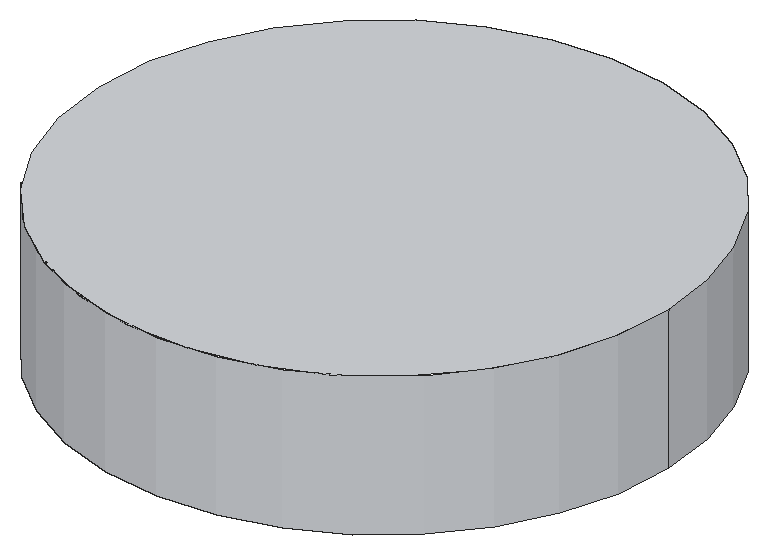
Revit family "電線管用ファミリ(片側のみ)_27", category Electrical Fixtures, Revit 2022
Family settings
  Round Connector Dimension = Use Diameter
  Part Type = Normal
  OmniClass Number = 23.80.00.00
  OmniClass Title = Electric Power and Lighting
  Work Plane-Based = No
  Always vertical = Yes
  Cut with Voids When Loaded = No
  Maintain Annotation Orientation = No
  Shared = No
  Room Calculation Point = No
Parameters
  コネクタ直径 [instance] = 16 mm
  W [instance] = 200 mm
  Default Elevation = 0 mm
  D [instance] = 200 mm
Reference planes
  plane 1 "Center (Front/Back)": y = 0
  plane 2: z = 0
  plane 3 "Center (Left/Right)": x = 0
  plane 4: x = -100
  plane 5: x = 100
  plane 6: y = 100
  plane 7: y = -100
  plane 8: z = 33.685
  plane 9: z = 50
Forms (mm)
  Extrusion 1, solid
    sketch origin (0, 0, 0) x (1, 0, 0) y (0, 1, 0)
      loop
        circle (0, 0) r 100
    from 0 to 50
Dimensions and locks
  equal spacing: plane 4, plane 3 "Center (Left/Right)", plane 5
  "W": plane 4 to plane 5
  equal spacing: plane 6, plane 1 "Center (Front/Back)", plane 7
  "D": plane 6 to plane 7
  aligned and locked: level to plane 2
  aligned and locked: plane 9 to Extrusion 1
Automatic sketch dimensions
  plane 1 "Center (Front/Back)" to Extrusion 1 sketch curve = 0 mm
  Extrusion 1 sketch curve to plane 3 "Center (Left/Right)" = 0 mm
  radius of Extrusion 1 sketch curve = 100 mm
Connectors
  cabletrayconduit at (0, 0, 50), diameter 16
    settings: on Extrusion 1, index 1, connector width 300 mm, connector height 300 mm, connector angle 0.00°, system type 32, placement type 0, profile type 0, connector reference index -1, is primary connector yes, connector utility param no, connector description ""
